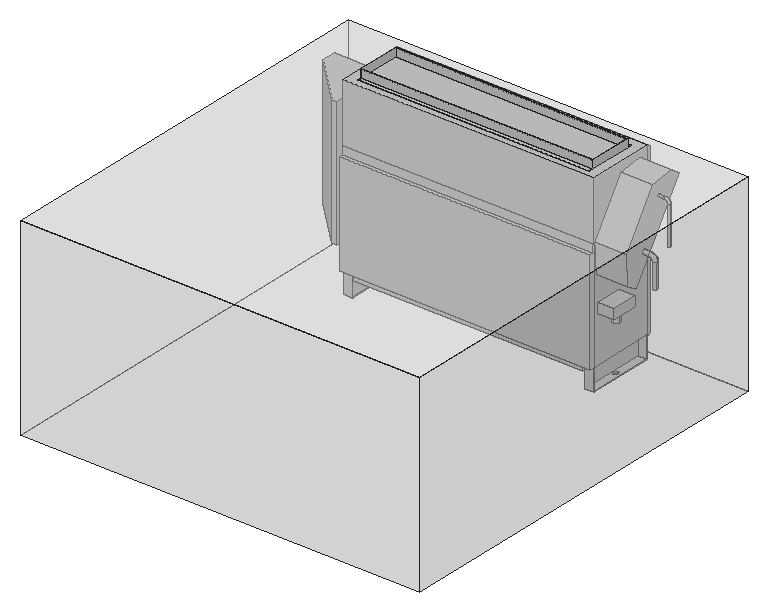
Revit family "outputfile", category 機械設備, Revit 2024
Family settings
  丸型コネクタ寸法 = 半径を使用
  パーツ タイプ = 標準
  OmniClass 番号 = 23.75.10.24.21.27.27
  OmniClass タイトル = Split System Air Conditioning Units
  作業面ベース = いいえ
  常に垂直 = はい
  ロード時にボイドで切り取り = いいえ
  注釈の向きを維持 = いいえ
  共有 = いいえ
  部屋計算ポイント = いいえ
Parameters (values of type "FXNQ40MAVE8")
  Description = ""
  製造元 = "Daikin"
  書き出し IFC クラス(タイプ) = "IfcUnitaryEquipmentType"
  定義済み IFC タイプ(タイプ) = "AIRCONDITIONINGUNIT"
  Cost = 0
  モデル = "FXNQ40MAVE8"
  Type Comments = ""
  Keynote = ""
  Type Image = (empty or 0)
  Assembly Code = ""
  w_hangerfixture = 0.0 mm
  w_dischargeflange = 704.0 mm
  w_body = 760.0 mm
  r_Liquid Pipe Size = Liquid Pipe Size / 2  # 3.2 mm
  r_Gas Pipe Size = Gas Pipe Size / 2  # 6.35 mm
  w_mounting foot = 1030.0 mm
  r_Drain Pipe Size = Drain Pipe Size / 2  # 10.5 mm
  h_mountinghole = [h***] + 1.6 mm  # 1.6 mm
  lh_liquidpipe = 391.0 mm  # constant formula
  lh_gaspipe = 301.0 mm  # constant formula
  lh_drainpipe = 181.0 mm  # constant formula
  lh_antena = 583.4 mm  # constant formula
  ld_liquidpipe = 84.0 mm  # constant formula
  ld_gaspipe = 139.0 mm  # constant formula
  ld_drainpipe = 152.0 mm  # constant formula
  h*** = 0.0 mm  # constant formula
  w_front suction = 801.0 mm
  d_pipe_2 = 27.3 mm  # constant formula
  d_pipe_1 = 47.6 mm  # constant formula
  d_pipe = 71.2 mm  # constant formula
  d_body = 206.0 mm  # constant formula
  Width = 1040.4 mm
  Voltage_comment_50Hz = "220-240"
  Voltage_50Hz = 220 V
  Version = "ver.1.0"
  Unit Type = "Concealed Floor Standing Type"
  Unit Mass Weight = 23.00 kg
  Unit Designation [instance] = ""
  Uniclass2015Version = "Products v1.30"
  Uniclass2015Title = "Variable refrigerant flow units"
  Uniclass2015Code = "Pr_70_65_03_94"
  URL = ""
  Total Heating Capacity [instance] = 0.000 kW
  Total Cooling Capacity [instance] = 0.000 kW
  Sound Pressure Level_M speed (dBA) = 0
  Sound Pressure Level_L speed (dBA) = 34
  Sound Pressure Level_H speed (dBA) = 39
  Sound Power Level_H speed (dB) = 0
  Series = "VRV Fan Coil Unit"
  Sensible Cooling Capacity [instance] = 0.000 kW
  SA Duct Size Width = w_dischargeflange - 2.0 mm  # 702.0 mm
  SA Duct Size Height = 130.0 mm  # constant formula
  Refrigerant Type = "R410A"
  Power Input (Heating) = 0.090 kW
  Power Input (Cooling) = 0.090 kW
  Phase_50Hz = 1
  Option Accessory 3 [instance] = ""
  Option Accessory 2 [instance] = ""
  Option Accessory 1 [instance] = ""
  Nominal Heating Capacity = 5.000 kW
  Nominal Cooling Capacity = 4.500 kW
  Minimum External Static Pressure = 0.00 Pa
  Minimum Circuit Amps_50Hz = 0.6 A
  Minimum Airflow = 510.00 m³/h
  Median Airflow = 0.00 m³/h
  Maximum Fuse Amps_50Hz = 15.0 A
  Maximum External Static Pressure = 0.00 Pa
  Maximum Airflow = 660.00 m³/h
  Material_Casing = DAIKIN_GalvanizedSteel_Casing_indoorunit
  Load Classification = HVAC
  Liquid Pipe Size = 6.4 mm
  Link_Nested Family [instance] = ""
  IfcVersion = "0"
  IfcExportType = "AIRCONDITIONINGUNIT"
  IfcExportAs = "IfcUnitaryEquipmentType"
  Height = 609.0 mm
  Heating Entering Wet Bulb Temperature [instance] = 0.00 °C
  Heating Entering Dry Bulb Temperature [instance] = 0.00 °C
  Heating Ambient Wet Bulb Temperature [instance] = 0.00 °C
  Heating Ambient Dry Bulb Temperature [instance] = 0.00 °C
  Heat Exchanger Type = "Cross Fin Coil"
  Gas Pipe Size = 12.7 mm
  Frequency_50Hz = 50 Hz
  Fan Type = "Sirocco Fan"
  Fan Drive = "Direct Drive"
  FCU Tag No. [instance] = ""
  Drain Pipe Size = 21.0 mm
  Design Supply Airflow [instance] = 0.00 m³/h
  Design External Static Pressure [instance] = 0.00 Pa
  Depth = 225.0 mm
  既定の高さ = 0.0 mm
  Cooling Entering Wet Bulb Temperature [instance] = 0.00 °C
  Cooling Entering Dry Bulb Temperature [instance] = 0.00 °C
  Cooling Ambient Wet Bulb Temperature [instance] = 0.00 °C
  Cooling Ambient Dry Bulb Temperature [instance] = 0.00 °C
  Clearance visibility [instance] = yes
  Clearance Top = 0.0 mm
  Clearance Right = 150.0 mm
  Clearance Rear = 20.0 mm
  Clearance Left = 0.0 mm
  Clearance Front = 1000.0 mm
  Clearance Bottom = 0.0 mm
Reference planes
  plane 1: y = 0
  plane 2: z = 0
  plane 3 "Center (Left/Right)": x = 0
  plane 4 "Center (Front/Back)": y = -103
  plane 5: y = -206
  plane 6: x = -380
  plane 7: x = 380
  plane 8: z = 584
  plane 9: z = 68
  plane 10 "Top": z = 609
  plane 11: z = 584
  plane 12: z = 0
  plane 13: x = -550
  plane 14: x = 664
  plane 15: y = -1218
  plane 16: y = 27
  plane 17 "Bottom": z = 0
  plane 18: x = -347
  plane 19: x = 349
  plane 20: x = -399
  plane 21 "Left": x = -550
  plane 22: z = 129
  plane 23: z = 518
  plane 24: z = 564.5
  plane 25: y = -32
  plane 26: x = 478.8
  plane 27 "ld_drainpipe": y = -152
  plane 28: z = 181
  plane 29: z = 301
  plane 30: z = 391
  plane 31: x = 407
  plane 32: x = 365
  plane 33: x = -365
  plane 34 "ld_liquidpipe": y = -84
  plane 35 "ld_gaspipe": y = -139
  plane 36: x = 514
  plane 37: z = 518.4
  plane 38: z = 388.6
  plane 39: x = 366.7
  plane 40: x = -366.7
  plane 41: x = -474.5
  plane 42: y = -42
  plane 43: y = -25.8
  plane 44 "Back": y = 7
  plane 45: y = -207
  plane 46 "Front": y = -218
  plane 47 "Right": x = 490.4
Forms (mm)
  Extrusion 1, solid, material "DAIKIN_GalvanizedSteel_Casing_indoorunit" <- "Material_Casing"
    sketch origin (0, 0, 0) x (1, 0, 0) y (0, 1, 0)
      loop
        line (-380, 0) -> (-380, -206) -> (380, -206) -> (380, 0) -> (-380, 0)
    from 68 to 584
  Extrusion 2, solid, material "DAIKIN_GalvanizedSteel_Casing_indoorunit" <- "Material_Casing"
    sketch origin (380, -206, 0) x (-1, 0, 0) y (0, 0, -1)
      loop
        line (760, -404) -> (760, -380) -> (0, -380) -> (0, -404) -> (760, -404)
    from 0 to 1
  Extrusion 3, solid, material "DAIKIN_GalvanizedSteel_Casing_indoorunit" <- "Material_Casing"
    sketch origin (380, -206, 0) x (-1, 0, 0) y (0, 0, -1)
      loop
        line (760, -380) -> (760, -68) -> (0, -68) -> (0, -380) -> (760, -380)
    from 0 to 12
  Extrusion 4, solid, material "DAIKIN_GalvanizedSteel_Casing_indoorunit" <- "Material_Casing"
    sketch origin (0, 0, 68) x (0, 1, 0) y (1, 0, 0)
      loop
        line (0, -347) -> (0, 349) -> (-206, 349) -> (-206, -347) -> (0, -347)
    from 0 to 19.6
  Extrusion 5, solid, material "DAIKIN_GalvanizedSteel_Casing_indoorunit" <- "Material_Casing"
    sketch origin (-380, -206, 0) x (0, 1, 0) y (0, 0, -1)
      loop
        circle (103, -448.5) r 12.5
      loop
        circle (103, -243.5) r 12.5
    from 0 to 19
  Extrusion 6, solid, material "DAIKIN_GalvanizedSteel_Casing_indoorunit" <- "Material_Casing"
    sketch origin (0, 0, 68) x (-1, 0, 0) y (0, -1, 0)
      loop
        line (550, 25.8) -> (550, 71.25) -> (415.25, 206) -> (399, 206) -> (399, 25.8) -> (550, 25.8)
    from 61 to 450
  Extrusion 7, solid, material "DAIKIN_GalvanizedSteel_Casing_indoorunit" <- "Material_Casing"
    sketch origin (380, 0, 0) x (0, -1, 0) y (0, 0, -1)
      loop
        line (5.208, -545.14) -> (32, -564.5) -> (104, -554.5) -> (202.913, -407.529) -> (197.289, -319.3) -> (168.604, -299.952) -> (5.208, -545.14)
    from 0 to 98.8
  Extrusion 8, solid, material "DAIKIN_GalvanizedSteel_Casing_indoorunit" <- "Material_Casing"
    sketch origin (380, 0, 0) x (0, -1, 0) y (0, 0, -1)
      loop
        line (192.5, -240) -> (192.5, -210) -> (111.5, -210) -> (111.5, -240) -> (192.5, -240)
    from 0 to 50
  Extrusion 9, solid, material "DAIKIN_GalvanizedSteel_Casing_indoorunit" <- "Material_Casing"
    sketch origin (380, -111.5, 210) x (-1, 0, 0) y (0, 1, 0)
      loop
        circle (-27, -40.5) r 10.5
    from 0 to 29
  Sweep 10, solid, material "DAIKIN_GalvanizedSteel_Casing_indoorunit" <- "Material_Casing"
    path origin (0, -84, 0) x (0, 0, 1) y (1, 0, 0)
      loop
        line (518.4, 478.8) -> (518.4, 501)
        arc (518.4, 501) -> (514.592, 510.192) -> (505.4, 514) r 13
        line (505.4, 514) -> (391, 514)
    profile origin (489.9, -84, 518.4) x (0, 0, -1) y (0, 1, 0)
      loop
        circle (0, 0) r 3.2
  Sweep 11, solid, material "DAIKIN_GalvanizedSteel_Casing_indoorunit" <- "Material_Casing"
    path origin (0, -139, 0) x (0, 0, 1) y (1, 0, 0)
      loop
        line (388.6, 478.8) -> (388.6, 501)
        arc (388.6, 501) -> (384.792, 510.192) -> (375.6, 514) r 13
        line (375.6, 514) -> (301, 514)
    profile origin (489.9, -139, 388.6) x (0, 0, -1) y (0, 1, 0)
      loop
        circle (0, 0) r 6.35
  Extrusion 12, void
    sketch origin (4267.2, 7, -304.8) x (0, 0, 1) y (1, 0, 0)
      loop
        line (552.8, -4638.2) -> (552.8, -4626.2) -> (522.8, -4626.2) -> (522.8, -4638.2) -> (552.8, -4638.2)
      loop
        line (552.8, -3908.2) -> (552.8, -3896.2) -> (522.8, -3896.2) -> (522.8, -3908.2) -> (552.8, -3908.2)
    from 0 to -5
  Extrusion 13, void
    sketch origin (4267.2, 7, -304.8) x (0, 0, 1) y (1, 0, 0)
      loop
        line (744.8, -4638.2) -> (744.8, -4626.2) -> (714.8, -4626.2) -> (714.8, -4638.2) -> (744.8, -4638.2)
      loop
        line (744.8, -3908.2) -> (744.8, -3896.2) -> (714.8, -3896.2) -> (714.8, -3908.2) -> (744.8, -3908.2)
    from 0 to -5
  Extrusion 14, solid, material "DAIKIN_GalvanizedSteel_Casing_indoorunit" <- "Material_Casing"
    sketch origin (0, 0, 0) x (0, 1, 0) y (0, 0, 1)
      loop
        line (0, 584) -> (0, 62.5) -> (7, 70.007) -> (7, 576.493) -> (0, 584)
    from -380 to 380
Cuts and joins
  Extrusion 12, Extrusion 13 cuts Extrusion 1
  Extrusion 12 cuts Extrusion 3
  Extrusion 12, Extrusion 13 cuts Extrusion 14
Dimensions and locks
  "d_body": plane 1 to plane 5
  equal spacing: plane 5, plane 4 "Center (Front/Back)", plane 1
  "w_body": plane 6 to plane 7
  equal spacing: plane 6, plane 3 "Center (Left/Right)", plane 7
  "Clearance Top": plane 11 to plane 8
  locked: plane 10 "Top" to plane 8 at 25
  "h***": plane 17 "Bottom" to plane 2
  "Height": plane 10 "Top" to plane 17 "Bottom"
  locked: plane 8 to plane 9 at 516
  "Clearance Bottom": plane 17 "Bottom" to plane 12
  locked: Extrusion 2 sketch curve to Extrusion 2 sketch curve at 24
  locked: Extrusion 2 sketch curve to plane 9 at 312
  locked: plane 6 to plane 18 at 33
  locked: plane 19 to plane 7 at 31
  plane 18 to plane 19 = 696.0 mm
  locked: Extrusion 5 sketch curve to plane 9 at 175.5
  locked: Extrusion 5 sketch curve to Extrusion 5 sketch curve at 205
  locked: plane 6 to plane 20 at 19
  plane 23 to plane 22 to plane 17 "Bottom" = 389.0 mm locked, 129.0 mm locked
  locked: plane 21 "Left" to plane 6 at 170
  locked: plane 10 "Top" to plane 24 at 44.5
  locked: plane 5 to plane 25 at 174
  locked: plane 7 to plane 26 at 98.8
  locked: Extrusion 8 sketch curve to Extrusion 8 sketch curve at 30
  locked: Extrusion 8 sketch curve to Extrusion 8 sketch curve at 81
  locked: Extrusion 8 sketch curve to plane 17 "Bottom" at 240
  locked: plane 27 "ld_drainpipe" to Extrusion 8 sketch curve at 40.5
  "lh_drainpipe": plane 28 to plane 17 "Bottom"
  "lh_gaspipe": plane 29 to plane 17 "Bottom"
  "lh_liquidpipe": plane 30 to plane 17 "Bottom"
  locked: plane 33 to plane 6 at 15
  locked: plane 7 to plane 32 at 15
  locked: plane 31 to plane 32 at 42
  locked: plane 36 to plane 7 at 134
  locked: plane 10 "Top" to plane 37 at 90.6
  locked: plane 10 "Top" to plane 38 at 220.4
  locked: plane 6 to plane 40 at 13.3
  locked: plane 39 to plane 7 at 13.3
  equal spacing: plane 32, plane 3 "Center (Left/Right)", plane 33
  plane 32 to plane 33 = 730.0 mm
  locked: Extrusion 12 sketch curve to Extrusion 12 sketch curve at 30  (x2)
  locked: Extrusion 12 sketch curve to Extrusion 12 sketch curve at 12  (x2)
  locked: Extrusion 12 sketch curve to plane 33 at 6
  locked: Extrusion 12 sketch curve to plane 17 "Bottom" at 218  (x2)
  locked: plane 32 to Extrusion 12 sketch curve at 6
  locked: Extrusion 13 sketch curve to Extrusion 13 sketch curve at 12  (x2)
  locked: Extrusion 13 sketch curve to Extrusion 13 sketch curve at 30  (x2)
  locked: Extrusion 13 sketch curve to plane 33 at 6
  locked: plane 32 to Extrusion 13 sketch curve at 6
  locked: Extrusion 13 sketch curve to plane 17 "Bottom" at 410  (x2)
  locked: plane 21 "Left" to plane 41 at 75.5
  locked: plane 42 to plane 1 at 42
  locked: plane 43 to plane 5 at 180.2
  locked: Extrusion 6 sketch curve to plane 20 at 16.25
  locked: plane 43 to Extrusion 6 sketch curve at 45.45
  locked: plane 1 to plane 44 "Back" at 7
  "ld_liquidpipe": plane 34 "ld_liquidpipe" to plane 1
  "ld_gaspipe": plane 35 "ld_gaspipe" to plane 1
  "ld_drainpipe": plane 27 "ld_drainpipe" to plane 1
  locked: plane 5 to plane 45 at 1
  plane 5 to plane 46 "Front" = 12.0 mm
  locked: plane 9 to Extrusion 14 sketch curve at 5.5
  "Width": plane 21 "Left" to plane 47 "Right"
  "Depth": plane 46 "Front" to plane 44 "Back"
  "Clearance Left": plane 21 "Left" to plane 13
  "Clearance Right": plane 36 to plane 14
  "Clearance Rear": plane 44 "Back" to plane 16
  "Clearance Front": plane 46 "Front" to plane 15
  "Drain Pipe Size": diameter of Extrusion 9 sketch curve
  "Gas Pipe Size": diameter of Sweep 11 sketch curve
  locked: Extrusion 6 sketch curve to Extrusion 6 sketch curve (angle 45.00°)
  locked: Extrusion 14 sketch curve to cut or joined group of Extrusion 1, Extrusion 12, Extrusion 13 (angle 43.00°)
  locked: cut or joined group of Extrusion 1, Extrusion 12, Extrusion 13 to Extrusion 14 sketch curve (angle 43.00°)
  aligned and locked: level to plane 2
  aligned and locked: plane 1 to Extrusion 1 sketch curve
  aligned and locked: plane 6 to Extrusion 1 sketch curve
  aligned and locked: plane 5 to Extrusion 1 sketch curve
  aligned and locked: Extrusion 1 sketch curve to plane 7
  aligned and locked: plane 8 to Extrusion 1
  aligned and locked: Extrusion 1 to plane 9
  aligned and locked: nested 1 to plane 4 "Center (Front/Back)"
  aligned and locked: plane 4 "Center (Front/Back)" to nested 2
  aligned and locked: plane 8 to nested 3
  aligned and locked: nested 3 to plane 10 "Top"
  aligned and locked: plane 3 "Center (Left/Right)" to nested 3
  aligned and locked: nested 4 to plane 16
  aligned and locked: nested 4 to plane 15
  aligned and locked: plane 11 to nested 4
  aligned and locked: plane 12 to nested 4
  aligned and locked: plane 13 to nested 4
  aligned and locked: plane 14 to nested 4
  aligned and locked: nested 5 to plane 4 "Center (Front/Back)"
  aligned and locked: nested 6 to plane 4 "Center (Front/Back)"
  aligned and locked: nested 2 to plane 6
  aligned and locked: nested 1 to plane 7
  aligned and locked: plane 6 to Extrusion 2 sketch curve
  aligned and locked: Extrusion 2 sketch curve to plane 7
  aligned and locked: plane 6 to Extrusion 3 sketch curve
  aligned and locked: Extrusion 3 sketch curve to plane 7
  aligned and locked: Extrusion 3 sketch curve to Extrusion 2
  aligned and locked: plane 9 to Extrusion 3 sketch curve
  aligned and locked: plane 1 to Extrusion 4 sketch curve
  aligned and locked: plane 5 to Extrusion 4 sketch curve
  aligned and locked: plane 18 to Extrusion 4 sketch curve
  aligned and locked: Extrusion 4 sketch curve to plane 19
  aligned and locked: plane 4 "Center (Front/Back)" to Extrusion 5 sketch curve  (x2)
  aligned and locked: Extrusion 5 to plane 20
  aligned and locked: plane 21 "Left" to Extrusion 6 sketch curve
  aligned and locked: Extrusion 6 sketch curve to plane 20
  aligned and locked: plane 23 to Extrusion 6
  aligned and locked: Extrusion 6 to plane 22
  aligned and locked: plane 26 to Extrusion 7
  aligned and locked: plane 25 to Extrusion 7 sketch curve
  aligned and locked: plane 24 to Extrusion 7 sketch curve
  aligned and locked: plane 31 to Extrusion 9 sketch curve
  aligned and locked: plane 27 "ld_drainpipe" to Extrusion 9 sketch curve
  aligned and locked: Extrusion 9 to plane 28
  aligned and locked: plane 36 to Sweep 10 sketch curve
  aligned and locked: Sweep 10 sketch curve to plane 37
  aligned and locked: plane 30 to Sweep 10 sketch curve
  aligned and locked: plane 26 to Sweep 10 sketch curve
  aligned and locked: plane 29 to Sweep 11 sketch curve
  aligned and locked: plane 26 to Sweep 11 sketch curve
  aligned and locked: Sweep 11 sketch curve to plane 38
  aligned and locked: plane 36 to Sweep 11 sketch curve
  aligned and locked: nested 5 to plane 39
  aligned and locked: plane 40 to nested 6
  aligned and locked: nested 7 to plane 28
  aligned and locked: plane 9 to nested 1
  aligned and locked: nested 2 to plane 9
  aligned and locked: plane 31 to nested 7
  aligned and locked: nested 8 to plane 29
  aligned and locked: nested 8 to plane 36
  aligned and locked: nested 9 to plane 30
  aligned and locked: nested 9 to plane 36
  aligned and locked: nested 10 to plane 22
  aligned and locked: nested 10 to plane 41
  aligned and locked: plane 4 "Center (Front/Back)" to nested 10
  aligned and locked: nested 3 to plane 42
  aligned and locked: Extrusion 6 sketch curve to plane 43
  aligned and locked: Extrusion 6 sketch curve to plane 5
  aligned and locked: plane 11 to Extrusion 14 sketch curve
  aligned and locked: Extrusion 14 to plane 6
  aligned and locked: plane 7 to Extrusion 14
  aligned and locked: nested 9 to plane 34 "ld_liquidpipe"
  aligned and locked: nested 8 to plane 35 "ld_gaspipe"
  aligned and locked: nested 7 to plane 27 "ld_drainpipe"
  aligned and locked: Extrusion 2 to plane 45
  aligned and locked: cut or joined group of Extrusion 3, Extrusion 12 to plane 46 "Front"
  aligned and locked: Extrusion 14 sketch curve to plane 44 "Back"
Automatic sketch dimensions
  Extrusion 1 sketch curve to plane 5 = 0.0 mm
  Extrusion 1 to Extrusion 7 sketch curve = 5.208 mm
  Extrusion 1 to Extrusion 7 sketch curve = 29.5 mm
  Extrusion 7 sketch curve to Extrusion 7 sketch curve = 72.0 mm
  Extrusion 1 to Extrusion 7 sketch curve = 37.396 mm
  Extrusion 1 to Extrusion 7 sketch curve = 8.711 mm
  Extrusion 1 to Extrusion 7 sketch curve = 3.087 mm
  Extrusion 7 sketch curve to Extrusion 7 sketch curve = 19.36 mm
  Extrusion 1 to Extrusion 7 sketch curve = 176.471 mm
  Extrusion 7 sketch curve to Extrusion 7 sketch curve = 88.229 mm
  Extrusion 7 sketch curve to Extrusion 7 sketch curve = 19.348 mm
  Sweep 10 sketch curve to profile plane = 0.0 mm  (x2)
  Sweep 10 sketch curve to plane 23 = 12.6 mm
  Sweep 11 sketch curve to plane 38 = 13.0 mm
  Extrusion 14 sketch curve to plane 1 = 0.0 mm
  Sweep 11 sketch curve to plane 35 "ld_gaspipe" = 0.0 mm
  Sweep 11 sketch curve to profile plane = 0.0 mm
  radius of Extrusion 5 sketch curve = 12.5 mm  (x2)
  radius of Sweep 10 sketch curve = 3.2 mm
Nested families
  nested 1: "daikin_hangerfixture_FXNQ-MAVE8" at (380, -103, 68) x (0, -1, 0) z (0, 0, 1), type "daikin_hangerfixture_FXNQ-MAVE8"
  nested 2: "daikin_hangerfixture_FXNQ-MAVE8" at (-380, -103, 68) x (0, -1, 0) z (0, 0, 1), type "daikin_hangerfixture_FXNQ-MAVE8"
  nested 3: "daikin_ductflange_FXNQ-MAVE8" at (0, -186.5, 584) x (1, 0, 0) z (0, 1, 0), width <- "w_dischargeflange", material <- "Material_Casing", type "daikin_ductflange_FXNQ-MAVE8"
    with width 704.0 mm, material DAIKIN_GalvanizedSteel_Casing_indoorunit, height 157.0 mm, depth 25.0 mm
  nested 4: "daikin_clearancespace" at (57, -595.5, 292.119), visible <- "Clearance visibility", show <- "Clearance visibility", Link_Nested Family <- "Link_Nested Family", type "daikin_clearancespace"
    with width 1214.0 mm, show yes, height 584.0 mm, depth 1245.0 mm, Link_Nested Family ""
  nested 5: "daikin_mountinghole" at (366.7, -103, 0), Link_Nested Family <- "Link_Nested Family", h_mountinghole <- "h_mountinghole", l_antenna <- "lh_antena", type "daikin_mountinghole"
    with show yes, l_antenna 583.4 mm, h_mountinghole 1.6 mm, Link_Nested Family ""
  nested 6: "daikin_mountinghole" at (-366.7, -103, 0), Link_Nested Family <- "Link_Nested Family", h_mountinghole <- "h_mountinghole", l_antenna <- "lh_antena", type "daikin_mountinghole"
    with show yes, l_antenna 583.4 mm, h_mountinghole 1.6 mm, Link_Nested Family ""
  nested 7: "daikin_connector_rotate2" at (407, -152, 210) x (1, 0, 0) z (0, -1, 0), radius <- "r_Drain Pipe Size", type "daikin_connector_rotate2"
    with radius 10.5 mm, length 29.0 mm, angle_vertical 90.00°, show_face no
  nested 8: "daikin_connector_rotate2" at (514, -139, 381) x (1, 0, 0) z (0, -1, 0), radius <- "r_Gas Pipe Size", type "daikin_connector_rotate2"
    with radius 6.35 mm, length 80.0 mm, angle_vertical 90.00°, show_face no
  nested 9: "daikin_connector_rotate2" at (514, -84, 491) x (1, 0, 0) z (0, -1, 0), radius <- "r_Liquid Pipe Size", type "daikin_connector_rotate2"
    with radius 3.2 mm, length 100.0 mm, angle_vertical 90.00°, show_face no
  nested 10: "daikin_connector_rotate2" at (-474.5, -103, 229) x (1, 0, 0) z (0, -1, 0), type "daikin_connector_rotate2"
    with radius 10.0 mm, length 100.0 mm, angle_vertical 90.00°, show_face no
Connectors
  hvac at (0, -108, 609), driven by "SA Duct Size Height", driven by "SA Duct Size Width"
    settings: on nested 3, index 1, duct flow 0.00 m³/h, flow factor 0, pres drop 0.00 Pa, loss coef 0, conn angle 0.00°, conn width 702.0 mm, conn height 130.0 mm, conn diameter 609.6 mm, duct sys type 1, conn prof type 1, flow config 0, flow direction 2, loss method 4, conn ref index -1, conn util no, is conn primary yes, conn desc "SA Duct"
  electrical at (-474.5, -103, 129), driven by "Load Classification"
    settings: on nested 10, index 5, voltage 0 V, apparent load 0 VA, apparent load phase1 0 VA, apparent load phase2 0 VA, apparent load phase3 0 VA, power factor 1, load classification "HVAC", number of poles 1, system type 30, power factor state 1, is connector primary yes, connector utility no, sub classification motor no, connector description "Power Supply"
  piping at (514, -84, 391), diameter 6.4, driven by "r_Liquid Pipe Size"
    settings: on Sweep 10, index 6, connector inside diameter 609.6 mm, connector length 0.0 mm, flow factor 0, pipe flow 0.00 m³/h, pressure drop 0.0 Pa, fitting loss kfactor 0, connector angle 0.00°, fixture units 0, engagement length 0.0 mm, angle of deflection 0.00°, flow configuration 1, flow direction 1, fitting loss method 0, system type 29, joint type 0, gender type 0, connector reference index -1, connector utility 0, adjustable connector no, is connector primary yes, connector description "Refrigerant Liquid Piping"
  piping at (514, -139, 301), diameter 12.7, driven by "r_Gas Pipe Size"
    settings: on Sweep 11, index 7, connector inside diameter 609.6 mm, connector length 0.0 mm, flow factor 0, pipe flow 0.00 m³/h, pressure drop 0.0 Pa, fitting loss kfactor 0, connector angle 0.00°, fixture units 0, engagement length 0.0 mm, angle of deflection 0.00°, flow configuration 1, flow direction 2, fitting loss method 0, system type 29, joint type 0, gender type 0, connector reference index -1, connector utility 0, adjustable connector no, is connector primary no, connector description "Refrigerant Gas Piping"
  piping at (407, -152, 181), diameter 21, driven by "r_Drain Pipe Size"
    settings: on Extrusion 9, index 8, connector inside diameter 609.6 mm, connector length 0.0 mm, flow factor 0, pipe flow 0.00 m³/h, pressure drop 0.0 Pa, fitting loss kfactor 0, connector angle 0.00°, fixture units 0, engagement length 0.0 mm, angle of deflection 0.00°, flow configuration 1, flow direction 2, fitting loss method 4, system type 16, joint type 0, gender type 0, connector reference index -1, connector utility 0, adjustable connector no, is connector primary no, connector description "Condensate Drain Piping"
Definition of nested family "daikin_hangerfixture_FXNQ-MAVE8"
  Parameters (values of type "daikin_hangerfixture_FXNQ-A2VEB")
    width = 202.0 mm
    material = none
    height = 68.0 mm
    depth = 28.2 mm
    Default Elevation = 0.0 mm
  Reference planes
    plane 1 "Center (Front/Back)": y = 0
    plane 2: z = 0
    plane 3 "Center (Left/Right)": x = 0
    plane 4: y = -28.2
    plane 5: x = -101
    plane 6: x = 101
    plane 7: z = -68
    plane 8: x = 99.4
    plane 9: x = -99.4
  Forms (mm)
    Extrusion 1, solid, material <- "material"
      sketch origin (0, 0, 0) x (0, 1, 0) y (0, 0, 1)
        loop
          line (-26.6, 0) -> (-28.2, 0) -> (-28.2, -66.4)
          arc (-28.2, -66.4) -> (-27.731, -67.531) -> (-26.6, -68) r 1.6
          line (-26.6, -68) -> (0, -68) -> (0, -66.4) -> (-26.6, -66.4) -> (-26.6, 0)
      from -101 to 101
    Extrusion 2, solid, material <- "material"
      sketch origin (0, 0, 0) x (0, 1, 0) y (0, 0, 1)
        loop
          line (-26.6, -66.4) -> (0, -66.4) -> (0, 0) -> (-26.6, 0) -> (-26.6, -66.4)
      from 99.4 to 101
    Extrusion 3, solid, material <- "material"
      sketch origin (-265, -1.4, 0) x (0, 1, 0) y (0, 0, 1)
        loop
          line (-25.2, -66.4) -> (1.4, -66.4) -> (1.4, 0) -> (-25.2, 0) -> (-25.2, -66.4)
      from 164 to 165.6
    Extrusion 4, void
      sketch origin (0, 0, -66.4) x (1, 0, 0) y (0, -1, 0)
        loop
          circle (0, 13.3) r 7.5
      from -24.55 to 101.68
  Cuts and joins
    Extrusion 4 cuts Extrusion 1
    Extrusion 4 cuts Extrusion 2
    Extrusion 4 cuts Extrusion 3
    joined: Extrusion 1, Extrusion 2, Extrusion 3
  Dimensions and locks
    "width": plane 5 to plane 6
    "depth": plane 4 to plane 1 "Center (Front/Back)"
    equal spacing: plane 5, plane 3 "Center (Left/Right)", plane 6
    "height": level to plane 7
    locked: plane 8 to plane 6 at 1.6
    locked: plane 5 to plane 9 at 1.6
    plane 4 to Extrusion 1 sketch curve = 1.6 mm
    locked: Extrusion 4 sketch curve to plane 1 "Center (Front/Back)" at 13.3
    diameter of Extrusion 4 sketch curve = 15.0 mm
    aligned and locked: level to plane 2
    aligned and locked: Extrusion 1 to plane 5
    aligned and locked: plane 6 to Extrusion 1
    aligned and locked: Extrusion 1 to plane 1 "Center (Front/Back)"
    aligned and locked: plane 6 to Extrusion 2
    aligned and locked: Extrusion 2 to plane 8
    aligned and locked: Extrusion 3 to plane 5
    aligned and locked: plane 9 to Extrusion 3
    aligned and locked: plane 1 "Center (Front/Back)" to Extrusion 3 sketch curve
    aligned and locked: plane 1 "Center (Front/Back)" to Extrusion 2 sketch curve
    aligned and locked: Extrusion 1 sketch curve to plane 4
    aligned and locked: Extrusion 3 sketch curve to Extrusion 1
    aligned and locked: Extrusion 3 sketch curve to plane 2
    aligned and locked: Extrusion 2 sketch curve to Extrusion 1
    aligned and locked: plane 2 to Extrusion 2 sketch curve
    aligned and locked: plane 3 "Center (Left/Right)" to Extrusion 4 sketch curve
  Automatic sketch dimensions
    Extrusion 1 sketch curve to level = 0.0 mm
    Extrusion 1 sketch curve to plane 7 = 0.0 mm
    Extrusion 1 sketch curve to plane 1 "Center (Front/Back)" = 0.0 mm
    Extrusion 1 sketch curve to Extrusion 1 sketch curve = 0.0 mm  (x2)
    plane 7 to Extrusion 3 sketch curve = 1.6 mm
    plane 7 to Extrusion 2 sketch curve = 1.6 mm
Definition of nested family "daikin_ductflange_FXNQ-MAVE8"
  Parameters (values of type "daikin_ductflange_FXNQ-MAVE8")
    width [instance] = 662.0 mm
    material [instance] = none
    height [instance] = 157.0 mm
    depth [instance] = 25.0 mm
    Default Elevation = 0.0 mm
  Reference planes
    plane 1 "Center (Front/Back)": y = 0
    plane 2: z = 0
    plane 3 "Center (Left/Right)": x = 0
    plane 4: y = -25
    plane 5: x = -331
    plane 6: x = 331
    plane 7 "Top": z = 157
    plane 8: y = -1
    plane 9: z = 143.5
    plane 10: z = 13.5
    plane 11 "Center (Elevation)": z = 78.5
    plane 12: x = -330
    plane 13: x = 330
  Forms (mm)
    Extrusion 1, solid, material <- "material"
      sketch origin (0, 0, 0) x (1, 0, 0) y (0, 0, 1)
        loop
          line (-331, 157) -> (-331, 0) -> (331, 0) -> (331, 157) -> (-331, 157)
        loop
          line (-330, 143.5) -> (-330, 13.5) -> (330, 13.5) -> (330, 143.5) -> (-330, 143.5)
      from 0 to 1
    Extrusion 2, solid, material <- "material"
      sketch origin (0, 0, 0) x (1, 0, 0) y (0, 1, 0)
        loop
          line (-331, -1) -> (-331, -25) -> (-330, -25) -> (-330, -1) -> (-331, -1)
        loop
          line (330, -1) -> (330, -25) -> (331, -25) -> (331, -1) -> (330, -1)
      from 13.5 to 143.5
    Extrusion 3, solid, material <- "material"
      sketch origin (0, 0, 0) x (0, 1, 0) y (0, 0, 1)
        loop
          line (-1, 143.5) -> (-1, 144.5) -> (-25, 144.5) -> (-25, 143.5) -> (-1, 143.5)
        loop
          line (-1, 13.5) -> (-25, 13.5) -> (-25, 12.5) -> (-1, 12.5) -> (-1, 13.5)
      from -331 to 331
  Cuts and joins
    joined: Extrusion 1, Extrusion 2, Extrusion 3
  Dimensions and locks
    "height": plane 7 "Top" to plane 2
    "width": plane 5 to plane 6
    equal spacing: plane 5, plane 3 "Center (Left/Right)", plane 6
    "depth": plane 1 "Center (Front/Back)" to plane 4
    locked: plane 8 to plane 1 "Center (Front/Back)" at 1
    equal spacing: plane 7 "Top", plane 11 "Center (Elevation)", plane 2
    locked: Extrusion 3 sketch curve to Extrusion 2 at 1  (x2)
    locked: plane 12 to plane 5 at 1
    locked: plane 6 to plane 13 at 1
    plane 9 to plane 11 "Center (Elevation)" to plane 10 = 65.0 mm locked, 65.0 mm locked
    aligned and locked: level to plane 2
    aligned and locked: Extrusion 1 sketch curve to plane 7 "Top"
    aligned and locked: plane 5 to Extrusion 1 sketch curve
    aligned and locked: Extrusion 1 sketch curve to plane 6
    aligned and locked: plane 2 to Extrusion 1 sketch curve
    aligned and locked: Extrusion 1 to plane 8
    aligned and locked: plane 9 to Extrusion 2
    aligned and locked: Extrusion 2 to plane 10
    aligned and locked: plane 8 to Extrusion 3 sketch curve
    aligned and locked: Extrusion 3 sketch curve to plane 9
    aligned and locked: Extrusion 3 sketch curve to plane 8
    aligned and locked: Extrusion 3 sketch curve to plane 10
    aligned and locked: Extrusion 3 to plane 5
    aligned and locked: plane 6 to Extrusion 3
    aligned and locked: plane 4 to Extrusion 3 sketch curve
    aligned and locked: Extrusion 3 sketch curve to plane 4
    aligned and locked: plane 5 to Extrusion 2 sketch curve
    aligned and locked: Extrusion 2 sketch curve to plane 12
    aligned and locked: Extrusion 2 sketch curve to plane 6
    aligned and locked: plane 13 to Extrusion 2 sketch curve
    aligned and locked: Extrusion 2 sketch curve to plane 8
    aligned and locked: plane 4 to Extrusion 2 sketch curve
    aligned and locked: plane 12 to Extrusion 1 sketch curve
    aligned and locked: Extrusion 1 sketch curve to plane 13
    aligned and locked: Extrusion 1 sketch curve to plane 9
    aligned and locked: plane 10 to Extrusion 1 sketch curve
  Automatic sketch dimensions
    Extrusion 2 sketch curve to plane 4 = 0.0 mm
    Extrusion 2 sketch curve to plane 8 = 0.0 mm
Definition of nested family "daikin_clearancespace"
  Parameters (values of type "daikin_clearancespace")
    width [instance] = 1823.963 mm
    show [instance] = yes
    material = none
    height [instance] = 1359.762 mm
    depth [instance] = 880.0 mm
    Default Elevation = 0.0 mm
    Link_Nested Family [instance] = ""
  Reference planes
    plane 1 "Center (Front/Back)": y = 0
    plane 2 "Center (Elevation)": z = -0.119
    plane 3 "Center (Left/Right)": x = 0
    plane 4: y = 440
    plane 5: y = -440
    plane 6 "Right": x = 911.982
    plane 7 "Left": x = -911.982
    plane 8 "Top": z = 679.762
    plane 9 "Bottom": z = -680
  Forms (mm)
    Extrusion 1, solid, material <- "material", visible <- "show"
      sketch origin (0, 0, 0) x (1, 0, 0) y (0, 1, 0)
        loop
          line (-911.982, 440) -> (-911.982, -440) -> (911.982, -440) -> (911.982, 440) -> (-911.982, 440)
      from -680 to 679.762
  Lines and regions (mm)
    symbolic lines, visible <- "show"
      curve 1: line (911.982, 440, 0) -> (-911.982, 440, 0)
      curve 2: line (-911.982, 440, 0) -> (-911.982, -440, 0)
      curve 3: line (-911.982, -440, 0) -> (911.982, -440, 0)
      curve 4: line (911.982, -440, 0) -> (911.982, 440, 0)
      curve 5: line (911.982, 0, 679.762) -> (-911.982, 0, 679.762)
      curve 6: line (911.982, 0, -680) -> (911.982, 0, 679.762)
      curve 7: line (-911.982, 0, -680) -> (911.982, 0, -680)
      curve 8: line (-911.982, 0, 679.762) -> (-911.982, 0, -680)
      curve 9: line (0, 440, 679.762) -> (0, -440, 679.762)
      curve 10: line (0, -440, 679.762) -> (0, -440, -680)
      curve 11: line (0, 440, -680) -> (0, 440, 679.762)
      curve 12: line (0, -440, -680) -> (0, 440, -680)
  Dimensions and locks
    "width": plane 7 "Left" to plane 6 "Right"
    "depth": plane 4 to plane 5
    "height": plane 8 "Top" to plane 9 "Bottom"
    equal spacing: plane 7 "Left", plane 3 "Center (Left/Right)", plane 6 "Right"
    equal spacing: plane 4, plane 1 "Center (Front/Back)", plane 5
    equal spacing: plane 8 "Top", plane 2 "Center (Elevation)", plane 9 "Bottom"
    aligned and locked: level to plane 2 "Center (Elevation)"
    aligned and locked: Extrusion 1 sketch curve to plane 4
    aligned and locked: plane 7 "Left" to Extrusion 1 sketch curve
    aligned and locked: Extrusion 1 sketch curve to plane 5
    aligned and locked: Extrusion 1 sketch curve to plane 6 "Right"
    aligned and locked: plane 8 "Top" to Extrusion 1
    aligned and locked: curve 1 to Extrusion 1
    aligned and locked: curve 2 to Extrusion 1
    aligned and locked: curve 3 to Extrusion 1
    aligned and locked: curve 4 to Extrusion 1
    aligned and locked: curve 5 to Extrusion 1
    aligned and locked: curve 6 to Extrusion 1
    aligned and locked: curve 7 to Extrusion 1
    aligned and locked: curve 8 to Extrusion 1
    aligned and locked: curve 9 to Extrusion 1
    aligned and locked: curve 10 to Extrusion 1
    aligned and locked: curve 11 to Extrusion 1
    aligned and locked: curve 12 to Extrusion 1
    aligned and locked: Extrusion 1 to plane 9 "Bottom"
Definition of nested family "daikin_mountinghole"
  Parameters (values of type "daikin_mountinghole")
    Default Elevation = 1219.2 mm
    Type Comments = "mountinghole"
    show [instance] = yes
    material = none
    l_centerline = 100.0 mm
    l_antenna [instance] = 100.0 mm
    h_mountinghole [instance] = 0.0 mm
    d_circle = 30.0 mm
    Link_Nested Family [instance] = ""
  Reference planes
    plane 1 "Center (Front/Back)": y = 0
    plane 2: z = 0
    plane 3 "Center (Left/Right)": x = 0
    plane 4: y = 50
    plane 5: x = -50
    plane 6: x = 50
    plane 7: y = -50
    plane 8 "h_mountinghole": z = 0
    plane 9: z = 100
  Lines and regions (mm)
    model lines, detail levels fine
      curve 1: circle (0, 0, 0) r 15 normal (0, 0, 1)
      curve 2: line (-50, 0, 0) -> (50, 0, 0)
      curve 3: line (0, 50, 0) -> (0, -50, 0)
    symbolic lines, detail levels fine
      curve 4: circle (0, 0, 0) r 15 normal (0, 0, 1)
      curve 5: line (-50, 0, 0) -> (50, 0, 0)
      curve 6: line (0, 50, 0) -> (0, -50, 0)
    model lines
      curve 7: line (0, 0, 100) -> (0, 0, 0)
  Dimensions and locks
    equal spacing: plane 4, plane 1 "Center (Front/Back)", plane 7
    "l_centerline": plane 4 to plane 7
    equal spacing: plane 5, plane 3 "Center (Left/Right)", plane 6
    "l_centerline": plane 5 to plane 6
    "l_antenna": plane 9 to plane 8 "h_mountinghole"
    "h_mountinghole": plane 8 "h_mountinghole" to plane 2
    "d_circle": diameter of curve 1
    "d_circle": diameter of curve 4
    aligned and locked: level to plane 2
    aligned and locked: plane 1 "Center (Front/Back)" to curve 1
    aligned and locked: plane 3 "Center (Left/Right)" to curve 1
    aligned and locked: plane 1 "Center (Front/Back)" to curve 2
    aligned and locked: curve 3 to plane 3 "Center (Left/Right)"
    aligned and locked: plane 6 to curve 2
    aligned and locked: plane 5 to curve 2
    aligned and locked: plane 4 to curve 3
    aligned and locked: plane 7 to curve 3
    aligned and locked: plane 1 "Center (Front/Back)" to curve 4
    aligned and locked: plane 3 "Center (Left/Right)" to curve 4
    aligned and locked: plane 6 to curve 5
    aligned and locked: plane 5 to curve 5
    aligned and locked: plane 1 "Center (Front/Back)" to curve 5
    aligned and locked: plane 4 to curve 6
    aligned and locked: plane 7 to curve 6
    aligned and locked: curve 6 to plane 3 "Center (Left/Right)"
    aligned and locked: curve 7 to plane 3 "Center (Left/Right)"
    aligned and locked: plane 9 to curve 7
    aligned and locked: plane 8 "h_mountinghole" to curve 7
Definition of nested family "daikin_connector_rotate2"
  Parameters (values of type "daikin_connector_rotate2")
    show_face = yes
    radius [instance] = 10.0 mm
    length [instance] = 600.0 mm
    d_surface = 10.0 mm
    angle_vertical [instance] = 90.00°
    Default Elevation = 0.0 mm
  Reference planes
    plane 1 "Center (Front/Back)": y = 0
    plane 2: z = 0
    plane 3 "Center (Left/Right)": x = 0
  Forms (mm)
    Extrusion 1, solid, visible <- "show_face"
      sketch origin (0, -600, 0) x (1, 0, 0) y (0, 0, 1)
        loop
          circle (0, 0) r 10
      from 0 to -10
  Lines and regions (mm)
    reference lines
      curve 1: line (0, 0, 0) -> (0, -600, 0)
    symbolic lines
      curve 2: circle (0, 0, 0) r 5 normal (0, 0, 1)
    model lines, visible <- "show_face"
      curve 3: line (0, 0, 0) -> (0, -600, 0)
  Dimensions and locks
    "length": curve 1 to curve 1
    "length": curve 3 to curve 3
    "d_surface": Extrusion 1 to Extrusion 1
    "radius": radius of Extrusion 1 sketch curve
    "angle_vertical": angle curve 1 to plane 1 "Center (Front/Back)"
    "angle_vertical": angle curve 3 to plane 1 "Center (Front/Back)"
    aligned and locked: level to plane 2
    aligned and locked: plane 1 "Center (Front/Back)" to curve 1
    aligned and locked: plane 2 to curve 1
    aligned and locked: plane 1 "Center (Front/Back)" to curve 2
    aligned and locked: plane 3 "Center (Left/Right)" to curve 2
    aligned and locked: plane 1 "Center (Front/Back)" to curve 3
    aligned and locked: plane 2 to curve 3
    aligned and locked: Extrusion 1 to Extrusion 1
  Automatic sketch dimensions
    Extrusion 1 sketch curve to level = 0.0 mm
    Extrusion 1 sketch curve to plane 3 "Center (Left/Right)" = 0.0 mm
    radius of curve 2 = 5.0 mm
